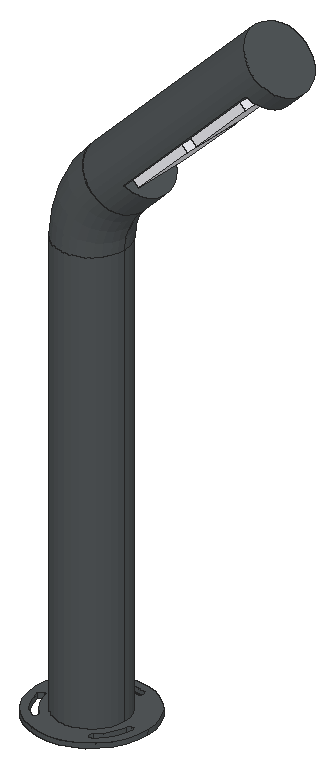
Revit family "Дио_мини", category Осветительные приборы, Revit 2019 (continued)
Definition of nested family "ДиоМини_светильник"
  Dimensions and locks
    aligned and locked: plane 3 "По центру (Влево/Вправо)" to Extrusion 1 sketch curve
    aligned and locked: plane 1 "По центру (Вперед/Назад)" to Extrusion 1 sketch curve
    aligned and locked: plane 4 to Extrusion 1
    aligned and locked: Extrusion 2 to plane 5
    aligned and locked: Extrusion 2 to plane 6
    aligned and locked: Extrusion 2 to plane 8
    aligned and locked: plane 11 to Extrusion 3 sketch curve
    aligned and locked: Extrusion 3 sketch curve to plane 9
    aligned and locked: Extrusion 3 sketch curve to plane 12
    aligned and locked: plane 10 to Extrusion 3 sketch curve
    aligned and locked: plane 13 to Extrusion 4 sketch curve
    aligned and locked: Extrusion 4 sketch curve to plane 9
    aligned and locked: Extrusion 4 sketch curve to plane 14
    aligned and locked: plane 10 to Extrusion 4 sketch curve
    aligned and locked: Extrusion 3 to plane 8
    aligned and locked: Extrusion 4 to plane 8
    aligned and locked: plane 15 to Extrusion 3
    aligned and locked: Extrusion 4 to plane 15
  Automatic sketch dimensions
    plane 3 "По центру (Влево/Вправо)" to Extrusion 2 sketch curve = 13.957 mm
    plane 3 "По центру (Влево/Вправо)" to Extrusion 2 sketch curve = 1070.61 mm
    level to Extrusion 2 sketch curve = 44 mm
    Extrusion 2 sketch curve to plane 4 = 28.5 mm
Definition of nested family "УГО план"
  Parameters (values of type "УГО план")
    Default Elevation = 1219.2 mm
    r_УГО = 250 mm
    l_Отступ линий = r_УГО * 0.52  # 130 mm
    d_УГО = r_УГО * 2  # 500 mm
  Reference planes
    plane 1 "По центру (Вперед/Назад)": y = 0
    plane 2: z = 0
    plane 3 "По центру (Влево/Вправо)": x = 0
    plane 4: y = 250
    plane 5: y = -250
    plane 6: x = -250
    plane 7: x = 250
    plane 8: x = -120
    plane 9: x = 120
  Lines and regions (mm)
    symbolic lines
      curve 1: circle (0, 0, 0) r 250 normal (0, 0, 1)
      curve 2: line (-120, 219.317, 0) -> (-120, -219.317, 0)
      curve 3: line (120, 219.317, 0) -> (120, -219.317, 0)
  Dimensions and locks
    equal spacing: plane 4, plane 1 "По центру (Вперед/Назад)", plane 5
    "d_УГО": plane 4 to plane 5
    equal spacing: plane 6, plane 3 "По центру (Влево/Вправо)", plane 7
    "d_УГО": plane 6 to plane 7
    "l_Отступ линий": plane 6 to plane 8
    "l_Отступ линий": plane 9 to plane 7
    "r_УГО": radius of curve 1
    aligned and locked: level to plane 2
    aligned and locked: plane 3 "По центру (Влево/Вправо)" to curve 1
    aligned and locked: plane 1 "По центру (Вперед/Назад)" to curve 1
    aligned and locked: curve 2 to plane 8
    aligned and locked: curve 3 to plane 9
